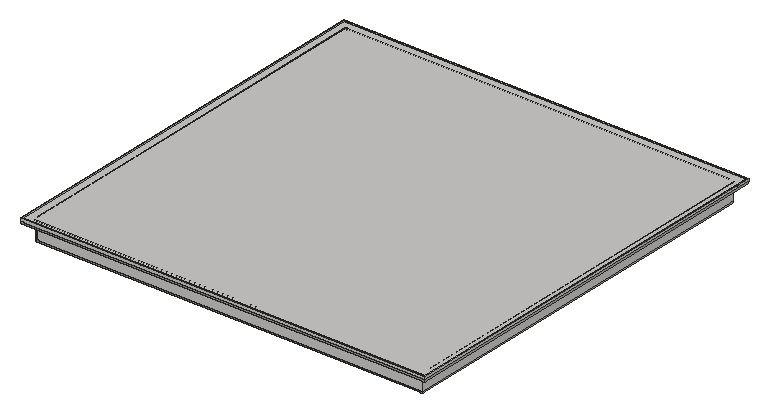
Revit family "Gorter RV 1000x1000mm", category Generic Models, host Face, Revit 2019
Family settings
  Host = Face
  Can host rebar = No
  Round Connector Dimension = Use Diameter
  Part Type = Normal
  Cut with Voids When Loaded = Yes
  Shared = Yes
  Room Calculation Point = No
Parameters (values of type "RV 1000x1000mm")
  vullen_met_beton = "ja"  # constant formula
  vergrendeling = "nee"  # constant formula
  uitwendige_lengte = 1105 mm
  uitwendige_breedte = 1105 mm
  sluiting = "4"  # constant formula
  scharnierend = "nee"  # constant formula
  rubberen_afdichting = "enkel"  # constant formula
  productgroep = ""
  materiaal = bcb_staal
  inbouwhoogte [instance] = 75 mm
  geïsoleerd = "nee"  # constant formula
  gewicht = "45"
  gasdrukveer = "nee"  # constant formula
  brandwerend 90 min = "nee"  # constant formula
  binnenmaat_lengte = uitwendige_lengte - 105 mm  # 1000 mm
  binnenmaat_breedte = uitwendige_breedte - 105 mm  # 1000 mm
  binnenluik = "tbv betonvulling"  # constant formula
  belasting = "15 kN"  # constant formula
  URL = ""
  Model = "RV"  # constant formula
  Manufacturer = "Gorter"  # constant formula
  Description = "RV 110"
  Default Elevation = 0 mm
Types (6, lengths in mm): name | uitwendige_lengte | uitwendige_breedte | gewicht | binnenmaat_lengte | binnenmaat_breedte | Description
  (no name) | 1105 | 1105 | "45" | 1000 | 1000 | "RV 110"
  RV 600x400mm | 505 | 705 | "22" | 400 | 600 | "RV 64"
  RV 600x600mm | 705 | 705 | "29" | 600 | 600 | "RV 66"
  RV 800x600mm | 705 | 905 | "37" | 600 | 800 | "RV 86"
  RV 800x800mm | 905 | 905 | "45" | 800 | 800 | "RV 88"
  RV 1000x1000mm | 1105 | 1105 | "45" | 1000 | 1000 | "RV 110"
Reference planes
  plane 1 "Center (Front/Back)": y = 0
  plane 2: z = 0
  plane 3 "Center (Left/Right)": x = 0
  plane 4: y = 552.5
  plane 5: y = -552.5
  plane 6: x = 552.5
  plane 7: x = -552.5
  plane 8: z = -75
  plane 9: x = -500
  plane 10: y = 500
  plane 11: y = -500
  plane 12: x = 500
  plane 13: x = -390.5
  plane 14: x = 390.5
  plane 15: y = -390.5
  plane 16: y = 390.5
  plane 17: x = -550.5
  plane 18: x = 550.5
  plane 19: y = 550.5
  plane 20: y = -550.5
Forms (mm)
  Sweep 1, solid, material "bcb_staal" <- "materiaal", detail levels medium+fine
    path origin (0, 0, 0) x (1, 0, 0) y (0, 1, 0)
      loop
        line (-552.5, 552.5) -> (-552.5, -552.5) -> (552.5, -552.5) -> (552.5, 552.5) -> (-552.5, 552.5)
    profile origin (-552.5, 0, 0) x (-1, 0, 0) y (0, 0, 1)
      loop
        line (-2.047, 0) -> (-2.047, -8.5)
        arc (-2.047, -8.5) -> (-5.504, -13.256) -> (-11.095, -11.435) r 5
        line (-11.095, -11.435) -> (-14.687, -6.482)
        arc (-14.687, -6.482) -> (-21.396, -4.292) -> (-25.547, -10) r 6
        line (-25.547, -10) -> (-25.547, -55.5)
        arc (-25.547, -55.5) -> (-26.28, -57.268) -> (-28.047, -58) r 2.5
        line (-28.047, -58) -> (-52.5, -58) -> (-52.5, -60) -> (-28.547, -60)
        arc (-28.547, -60) -> (-25.012, -58.536) -> (-23.547, -55) r 5
        line (-23.547, -55) -> (-23.547, -10)
        arc (-23.547, -10) -> (-20.781, -6.195) -> (-16.308, -7.654) r 4
        line (-16.308, -7.654) -> (-12.714, -12.609)
        arc (-12.714, -12.609) -> (-4.887, -15.158) -> (-0.047, -8.5) r 7
        line (-0.047, -8.5) -> (-0.047, 0) -> (-2.047, 0)
  Sweep 2, solid, material "bcb_staal" <- "materiaal", detail levels coarse
    path origin (0, 0, 0) x (1, 0, 0) y (0, 1, 0)
      loop
        line (-552.5, 552.5) -> (-552.5, -552.5) -> (552.5, -552.5) -> (552.5, 552.5) -> (-552.5, 552.5)
    profile origin (-552.5, 0, 0) x (-1, 0, 0) y (0, 0, 1)
      loop
        line (-0.047, 0) -> (-25.547, 0) -> (-25.547, -56) -> (-52.5, -56) -> (-52.5, -60) -> (-23.547, -60) -> (-23.547, -15.5) -> (-0.047, -15.5) -> (-0.047, 0)
  Extrusion 3, void
    sketch origin (0, 0, 0) x (1, 0, 0) y (0, 1, 0)
      loop
        line (-390.5, -390.5) -> (390.5, -390.5) -> (390.5, 390.5) -> (-390.5, 390.5) -> (-390.5, -390.5)
    from -500 to 10
  Sweep 4, void
    path origin (0, 0, 0) x (1, 0, 0) y (0, 1, 0)
      loop
        line (-552.5, 552.5) -> (-552.5, -552.5) -> (552.5, -552.5) -> (552.5, 552.5) -> (-552.5, 552.5)
    profile origin (-552.5, 0, 0) x (-1, 0, 0) y (0, 0, 1)
      loop
        line (-23.547, -60) -> (-23.547, -15.5) -> (0, -15.5) -> (0, 5) -> (-162, 5) -> (-162, -365) -> (-52.5, -365) -> (-52.5, -60) -> (-23.547, -60)
  Extrusion 5, solid, material "bcb_staal"
    sketch origin (0, 0, 0) x (1, 0, 0) y (0, 1, 0)
      loop
        line (-550.5, 550.5) -> (-550.5, -550.5) -> (550.5, -550.5) -> (550.5, 550.5) -> (-550.5, 550.5)
    from -4 to -1
Dimensions and locks
  equal spacing: plane 7, plane 3 "Center (Left/Right)", plane 6
  "uitwendige_breedte": plane 7 to plane 6
  equal spacing: plane 4, plane 1 "Center (Front/Back)", plane 5
  "uitwendige_lengte": plane 4 to plane 5
  locked: plane 4 to plane 10 at 52.5
  locked: plane 7 to plane 9 at 52.5
  locked: plane 12 to plane 6 at 52.5
  locked: plane 5 to plane 11 at 52.5
  locked: plane 9 to plane 13 at 109.5
  locked: plane 14 to plane 12 at 109.5
  locked: plane 15 to plane 11 at 109.5
  locked: plane 10 to plane 16 at 109.5
  locked: plane 18 to plane 6 at 2
  locked: plane 7 to plane 17 at 2
  locked: plane 4 to plane 19 at 2
  locked: plane 20 to plane 5 at 2
  aligned and locked: plane 2 to host face
  aligned and locked: level to host face
  aligned and locked: Sweep 1 sketch curve to plane 4
  aligned and locked: plane 7 to Sweep 1 sketch curve
  aligned and locked: plane 5 to Sweep 1 sketch curve
  aligned and locked: Sweep 1 sketch curve to plane 6
  aligned and locked: Extrusion 3 to plane 16
  aligned and locked: Extrusion 3 to plane 14
  aligned and locked: Extrusion 3 to plane 15
  aligned and locked: Extrusion 3 to plane 13
  aligned and locked: Sweep 4 sketch curve to plane 4
  aligned and locked: Sweep 4 sketch curve to plane 6
  aligned and locked: plane 5 to Sweep 4 sketch curve
  aligned and locked: plane 7 to Sweep 4 sketch curve
  aligned and locked: Extrusion 5 sketch curve to plane 19
  aligned and locked: plane 17 to Extrusion 5 sketch curve
  aligned and locked: plane 20 to Extrusion 5 sketch curve
  aligned and locked: Extrusion 5 sketch curve to plane 18
Automatic sketch dimensions
  host sketch curve to host sketch curve = 2000 mm  (x2)
  Extrusion 3 sketch curve to plane 11 = 109.5 mm
  Extrusion 3 sketch curve to plane 1 "Center (Front/Back)" = 390.5 mm
  Extrusion 3 sketch curve to plane 13 = 0 mm
  Extrusion 3 sketch curve to plane 14 = 0 mm
  Sweep 2 sketch curve to plane 5 = 0 mm
  Sweep 2 sketch curve to plane 7 = 0 mm
  Sweep 2 sketch curve to plane 6 = 0 mm
  Sweep 2 sketch curve to plane 4 = 0 mm
  Sweep 4 sketch curve to profile plane = 0 mm
  level to Sweep 4 sketch curve = 5 mm
  profile plane to Sweep 4 sketch curve = 23.547 mm
  Sweep 4 sketch curve to level = 15.5 mm
  Sweep 4 sketch curve to Sweep 4 sketch curve = 44.5 mm
  Sweep 4 sketch curve to Sweep 4 sketch curve = 305 mm
  Sweep 4 sketch curve to Sweep 4 sketch curve = 28.953 mm
  Sweep 4 sketch curve to Sweep 4 sketch curve = 109.5 mm
  Sweep 2 sketch curve to level = 0 mm
  profile plane to Sweep 2 sketch curve = 52.5 mm
  profile plane to Sweep 2 sketch curve = 25.547 mm
  Sweep 2 sketch curve to Sweep 2 sketch curve = 2 mm
  profile plane to Sweep 2 sketch curve = 0.047 mm
  Sweep 2 sketch curve to level = 15.5 mm
  Sweep 2 sketch curve to Sweep 2 sketch curve = 40.5 mm
  Sweep 2 sketch curve to Sweep 2 sketch curve = 4 mm
  Sweep 1 sketch curve to Sweep 1 sketch curve = 0 mm  (x4)
  Sweep 1 sketch curve to level = 0 mm
  profile plane to Sweep 1 sketch curve = 52.5 mm
  Sweep 1 sketch curve to Sweep 1 sketch curve = 23.953 mm
  Sweep 1 sketch curve to Sweep 1 sketch curve = 0.5 mm  (x2)
  Sweep 1 sketch curve to Sweep 1 sketch curve = 2.5 mm
  Sweep 1 sketch curve to Sweep 1 sketch curve = 2 mm
  Sweep 1 sketch curve to Sweep 1 sketch curve = 4 mm
  Sweep 1 sketch curve to level = 7.654 mm
  Sweep 1 sketch curve to Sweep 1 sketch curve = 3.24 mm
  Sweep 1 sketch curve to level = 6.482 mm
  Sweep 1 sketch curve to Sweep 1 sketch curve = 3.593 mm
  Sweep 1 sketch curve to Sweep 1 sketch curve = 1.619 mm
  Sweep 1 sketch curve to Sweep 1 sketch curve = 4.048 mm
  profile plane to Sweep 1 sketch curve = 2.047 mm
  profile plane to Sweep 1 sketch curve = 0.047 mm
  Sweep 1 sketch curve to Sweep 1 sketch curve = 4.953 mm
  Sweep 1 sketch curve to Sweep 1 sketch curve = 42.391 mm
